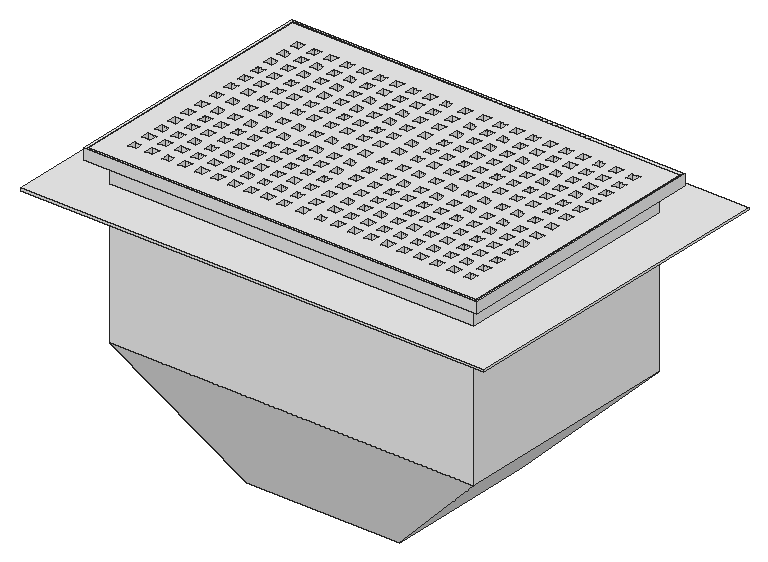
Revit family "Drain_Sani_Flor_Receptor-Zurn-Z1995", category Plumbing Fixtures, Revit 2022
Family settings
  Round Connector Dimension = Use Radius
  Part Type = Normal
  OmniClass Number = 23.45.55.21
  OmniClass Title = Drains (Wastes)
  Work Plane-Based = No
  Always vertical = Yes
  Cut with Voids When Loaded = No
  Maintain Annotation Orientation = No
  Shared = No
  Room Calculation Point = No
Parameters (values of type "Z1995-3 Inch No-Hub Outlet")
  ZN = no
  Z = yes
  Width = 23.750"
  Vent Connection = 1 = 0  # no
  Length = 15.750"
  HW Connection = 1 = 0  # no
  Grate Open Area (Sq. In.) = 70 in²  # constant formula
  Grate Material = Iron - Zurn - Cast - White A.R.E Coated
  CW Connection = 1 = 0  # no
  Waste Connection = 1 = 1  # yes
  WFU = 1  # constant formula
  URL = "www.zurn.com"
  Type Comments = ""
  Product data url = "https://www.bimobject.com/en-us/zurnindustries/product/zurn-z1995"
  Product Page URL = "https://www.zurn.com/products/drainage-interceptors/floor-sinks/z1995"
  Product Documentation Link = "https://files.zurn.com/spec-sheets/z1995.pdf"
  Pipe Size 'A' (Outer Diameter) = 3.500"
  Pipe Size 'A' (Nominal Radius) = [Pipe Size 'A' (Nominal Diameter)] / 2  # 1.500"
  Pipe Size 'A' (Nominal Diameter) = 3.000"
  Pipe Size 'A' (Inner Radius) = [Pipe Size 'A' (Inner Diameter)] / 2  # 1.534"
  Pipe Size 'A' (Outer Radius) = [Pipe Size 'A' (Outer Diameter)] / 2  # 1.750"
  Pipe Size 'A' (Inner Diameter) = 3.068"
  Modified Date = "02/06/2026"  # constant formula
  Model = "Z1995"
  Manufacurer Brand = "Zurn"  # constant formula
  Manufacturer = "Zurn Water, LLC"  # constant formula
  Main Material = Iron - Zurn - Cast - White A.R.E Coated
  HWFU = 0  # constant formula
  Description = "24 X 16 [610 X 406] A.R.C. SANI-FLOR RECEPTOR 17 [432] SUMP DEPTH"  # constant formula
  Default Elevation = 20.000"
  Date Created = "06/28/2018"  # constant formula
  CWFU = 0  # constant formula
  Body HT Dim 'E' = 18.750"
  Assembly Code = "D2030300"
  Approx. Weight (Lbs) = 250.0 lbf  # constant formula
Types (6): name | ZN | Z | Width | Length | Grate Material | Pipe Size 'A' (Outer Diameter) | Pipe Size 'A' (Nominal Radius) | Pipe Size 'A' (Nominal Diameter) | Pipe Size 'A' (Inner Radius) | Pipe Size 'A' (Outer Radius) | Pipe Size 'A' (Inner Diameter) | Model | Body HT Dim 'E'
  Z1995-3 Inch No-Hub Outlet | no | yes | 23.750" | 15.750" | Iron - Zurn - Cast - White A.R.E Coated | 3.500" | 1.500" | 3.000" | 1.534" | 1.750" | 3.068" | "Z1995" | 18.750"
  Z1995-4 Inch No-Hub Outlet | no | yes | 23.750" | 15.750" | Iron - Zurn - Cast - White A.R.E Coated | 4.500" | 2.000" | 4.000" | 2.014" | 2.250" | 4.028" | "Z1995" | 18.750"
  Z1995-6 Inch No-Hub Outlet | no | yes | 23.750" | 15.750" | Iron - Zurn - Cast - White A.R.E Coated | 6.625" | 3.000" | 6.000" | 3.0325" | 3.3125" | 6.065" | "Z1995" | 18.750"
  ZN1995-3 Inch No-Hub Outlet | yes | no | 24.125" | 16.125" | Bronze - Zurn - Polished Nickel | 3.500" | 1.500" | 3.000" | 1.534" | 1.750" | 3.068" | "ZN1995" | 19.000"
  ZN1995-4 Inch No-Hub Outlet | yes | no | 24.125" | 16.125" | Bronze - Zurn - Polished Nickel | 4.500" | 2.000" | 4.000" | 2.014" | 2.250" | 4.028" | "ZN1995" | 18.750"
  ZN1995-6 Inch No-Hub Outlet | yes | no | 24.125" | 16.125" | Bronze - Zurn - Polished Nickel | 6.625" | 3.000" | 6.000" | 3.0325" | 3.3125" | 6.065" | "ZN1995" | 18.750"
Reference planes (in)
  plane 1 "Center (Front/Back)": y = 0
  plane 2: z = 0
  plane 3 "Center (Left/Right)": x = 0
  plane 4: z = -17
  plane 5: z = -18.75
  plane 6: x = 1.5
  plane 7: x = -1.5
  plane 8: y = -1.5
  plane 9: y = 1.5
  plane 10: x = -11
  plane 11: x = 11
  plane 12: y = 7
  plane 13: y = -7
  plane 14: x = 11.875
  plane 15: y = 7.875
  plane 16: x = -11.875
  plane 17: y = -7.875
  plane 18: z = -10.625
  plane 19: z = -16.875
  plane 20: z = -2
  plane 21: z = -2.125
  plane 22: y = -7.625
  plane 23: x = -11.625
  plane 24: x = 11.625
  plane 25: y = 7.625
Forms (in)
  Sweep 1, solid, material "Iron - Zurn - Cast - White A.R.E Coated" <- "Main Material", detail levels fine
    path origin (0, 0, 0) x (1, 0, 0) y (0, 1, 0)
      loop
        line (-11.875, -7.875) -> (11.875, -7.875) -> (11.875, 7.875) -> (-11.875, 7.875) -> (-11.875, -7.875)
    profile origin (-11.875, 0, 0) x (-1, 0, 0) y (0, 0, 1)
      loop
        line (0, 0) -> (-0.125, 0) -> (-0.125, -0.49991) -> (-1, -0.49991) -> (-1, -10.625) -> (-0.875, -10.625) -> (-0.875, -0.62491) -> (0, -0.62491) -> (0, 0)
  SweptBlend 2, solid, material "Iron - Zurn - Cast - White A.R.E Coated" <- "Main Material", detail levels fine
    path origin (0, 0, 0) x (1, 0, 0) y (0, 0, 1)
      loop
        line (0, -10.625) -> (0, -17)
    profile origin (0, 0, -10.625) x (0, -1, 0) y (1, 0, 0)
      loop
        line (-7, -11) -> (7, -11) -> (7, 11) -> (-7, 11) -> (-7, -11)
    end profile origin (0, 0, -17) x (0, -1, 0) y (1, 0, 0)
      loop
        line (-4.625, -4.625) -> (4.625, -4.625) -> (4.625, 4.625) -> (-4.625, 4.625) -> (-4.625, -4.625)
  SweptBlend 3, void, detail levels fine
    path origin (0, 0, 0) x (1, 0, 0) y (0, 0, 1)
      loop
        line (0, -10.625) -> (0, -17)
    profile origin (0, 0, -10.625) x (0, -1, 0) y (1, 0, 0)
      loop
        line (-6.875, -10.875) -> (6.875, -10.875) -> (6.875, 10.875) -> (-6.875, 10.875) -> (-6.875, -10.875)
    end profile origin (0, 0, -17) x (0, -1, 0) y (1, 0, 0)
      loop
        line (-4.5, -4.5) -> (4.5, -4.5) -> (4.5, 4.5) -> (-4.5, 4.5) -> (-4.5, -4.5)
  Extrusion 4, solid, material "Iron - Zurn - Cast - White A.R.E Coated" <- "Main Material", detail levels fine
    sketch origin (0, 0, 0) x (1, 0, 0) y (0, 1, 0)
      loop
        line (-4.625, 4.625) -> (-4.625, -4.625) -> (4.625, -4.625) -> (4.625, 4.625) -> (-4.625, 4.625)
      loop
        circle (0, 0) r 1.75
    from -17 to -16.875
  Extrusion 5, solid, material "Iron - Zurn - Cast - White A.R.E Coated" <- "Main Material", detail levels fine
    sketch origin (0, 0, 0) x (1, 0, 0) y (0, 1, 0)
      loop
        circle (0, 0) r 1.75
      loop
        circle (0, 0) r 1.534
    from -18.75 to -16.875
  Extrusion 6, solid, material "Iron - Zurn - Cast - White A.R.E Coated" <- "Main Material", detail levels fine
    sketch origin (0, 0, 0) x (1, 0, 0) y (0, 1, 0)
      loop
        line (-14, 10) -> (-14, -10) -> (14, -10) -> (14, 10) -> (-14, 10)
      loop
        line (-11, 7) -> (-11, -7) -> (11, -7) -> (11, 7) -> (-11, 7)
    from -2 to -2.125
Cuts and joins
  SweptBlend 3 cuts SweptBlend 2
  joined: Sweep 1, SweptBlend 2, Extrusion 4, Extrusion 5, Extrusion 6
Lines and regions (in)
  Masking region 1, detail levels fine
    outline origin (0, 0, 0) x (1, 0, 0) y (0, 1, 0)
      loop
        line (-14, 10) -> (-14, -10) -> (14, -10) -> (14, 10) -> (-14, 10)
  model lines, detail levels coarse+medium
    curve 1: line (-11.875, 7.875, 0) -> (11.875, 7.875, 0)
    curve 2: line (-11.875, -7.875, 0) -> (-11.875, 7.875, 0)
    curve 3: line (11.875, -7.875, 0) -> (-11.875, -7.875, 0)
    curve 4: line (11.875, 7.875, 0) -> (11.875, -7.875, 0)
    curve 5: line (0, 0, 0) -> (0, 0, -18.75)
    curve 6: line (0, 1.5, -18.75) -> (0, -1.5, -18.75)
    curve 7: line (-1.5, 0, -18.75) -> (1.5, 0, -18.75)
    curve 8: line (-11.625, 7.625, 0) -> (-11.625, -7.625, 0)
    curve 9: line (-11.625, -7.625, 0) -> (11.625, -7.625, 0)
    curve 10: line (11.625, -7.625, 0) -> (11.625, 7.625, 0)
    curve 11: line (-11.625, 7.625, 0) -> (11.625, 7.625, 0)
    curve 12: line (0, 7.625, 0) -> (0, -7.625, 0)
    curve 13: line (1.5, 7.625, 0) -> (1.5, -7.625, 0)
    curve 14: line (3, 7.625, 0) -> (3, -7.625, 0)
    curve 15: line (4.5, 7.625, 0) -> (4.5, -7.625, 0)
    curve 16: line (6, 7.625, 0) -> (6, -7.625, 0)
    curve 17: line (7.5, 7.625, 0) -> (7.5, -7.625, 0)
    curve 18: line (9, 7.625, 0) -> (9, -7.625, 0)
    curve 19: line (10.5, 7.625, 0) -> (10.5, -7.625, 0)
    curve 20: line (-1.5, 7.625, 0) -> (-1.5, -7.625, 0)
    curve 21: line (-3, 7.625, 0) -> (-3, -7.625, 0)
    curve 22: line (-4.5, 7.625, 0) -> (-4.5, -7.625, 0)
    curve 23: line (-6, 7.625, 0) -> (-6, -7.625, 0)
    curve 24: line (-7.5, 7.625, 0) -> (-7.5, -7.625, 0)
    curve 25: line (-9, 7.625, 0) -> (-9, -7.625, 0)
    curve 26: line (-10.5, 7.625, 0) -> (-10.5, -7.625, 0)
    curve 27: line (-11.625, 0, 0) -> (11.625, 0, 0)
    curve 28: line (-11.625, -1.5, 0) -> (11.625, -1.5, 0)
    curve 29: line (-11.625, -3, 0) -> (11.625, -3, 0)
    curve 30: line (-11.625, -4.5, 0) -> (11.625, -4.5, 0)
    curve 31: line (-11.625, -6, 0) -> (11.625, -6, 0)
    curve 32: line (-11.625, 1.5, 0) -> (11.625, 1.5, 0)
    curve 33: line (-11.625, 3, 0) -> (11.625, 3, 0)
    curve 34: line (-11.625, 4.5, 0) -> (11.625, 4.5, 0)
    curve 35: line (-11.625, 6, 0) -> (11.625, 6, 0)
Dimensions and locks (in)
  "Pipe Size 'A' (Nominal Radius)": plane 8 to plane 1 "Center (Front/Back)" to plane 9
  "Pipe Size 'A' (Nominal Radius)": plane 7 to plane 3 "Center (Left/Right)" to plane 6
  "Body HT Dim 'E'": level to plane 5
  locked: level to plane 4 at 17
  equal spacing: plane 10, plane 3 "Center (Left/Right)", plane 11, locked at 11 each
  locked: plane 10 to plane 11 at 22
  equal spacing: plane 13, plane 1 "Center (Front/Back)", plane 12, locked at 7 each
  locked: plane 13 to plane 12 at 14
  equal spacing: plane 16, plane 3 "Center (Left/Right)", plane 14
  "Width": plane 16 to plane 14
  equal spacing: plane 17, plane 1 "Center (Front/Back)", plane 15
  "Length": plane 17 to plane 15
  locked: level to Sweep 1 sketch curve at 0.62491
  locked: level to Sweep 1 sketch curve at 10.625
  locked: level to plane 18 at 10.625
  equal spacing: SweptBlend 2 sketch curve, plane 1 "Center (Front/Back)", SweptBlend 2 sketch curve
  equal spacing: SweptBlend 2 sketch curve, plane 3 "Center (Left/Right)", SweptBlend 2 sketch curve
  locked: SweptBlend 2 sketch curve to SweptBlend 2 sketch curve at 9.25  (x2)
  locked: SweptBlend 3 sketch curve to plane 12 at 0.125
  locked: SweptBlend 3 sketch curve to plane 11 at 0.125
  locked: plane 13 to SweptBlend 3 sketch curve at 0.125
  locked: plane 10 to SweptBlend 3 sketch curve at 0.125
  locked: plane 19 to plane 4 at 0.125
  equal spacing: Extrusion 4 sketch curve, plane 1 "Center (Front/Back)", Extrusion 4 sketch curve
  equal spacing: Extrusion 4 sketch curve, plane 3 "Center (Left/Right)", Extrusion 4 sketch curve
  locked: Extrusion 4 sketch curve to Extrusion 4 sketch curve at 9.25  (x2)
  level to plane 20 to plane 21 = 2.000" locked, 0.125" locked
  equal spacing: Extrusion 6 sketch curve, plane 3 "Center (Left/Right)", Extrusion 6 sketch curve, locked at 14 each
  locked: Extrusion 6 sketch curve to Extrusion 6 sketch curve at 28
  equal spacing: Extrusion 6 sketch curve, plane 1 "Center (Front/Back)", Extrusion 6 sketch curve, locked at 10 each
  locked: Extrusion 6 sketch curve to Extrusion 6 sketch curve at 20
  plane 22 to plane 1 "Center (Front/Back)" to plane 25 = 7.625" locked, 7.625" locked
  plane 23 to plane 3 "Center (Left/Right)" to plane 24 = 11.625" locked, 11.625" locked
  equal spacing: curve 26, curve 25, curve 24, curve 23, curve 22, curve 21, curve 20, curve 12, curve 13, curve 14, curve 15, curve 16, curve 17, curve 18, curve 19, locked at 1.5 each
  locked: curve 26 to curve 19 at 21
  locked: plane 16 to curve 26 at 1.375
  curve 19 to plane 14 = 1.375"
  equal spacing: curve 31, curve 30, curve 29, curve 28, curve 27, curve 32, curve 33, curve 34, curve 35, locked at 1.5 each
  locked: plane 22 to curve 31 at 1.625
  locked: curve 35 to plane 25 at 1.625
  locked: Sweep 1 sketch curve to plane 10 at 0.125
  locked: Sweep 1 sketch curve to Sweep 1 sketch curve at 0.125
  locked: Sweep 1 sketch curve to plane 16 at 0.125
  "Pipe Size 'A' (Outer Radius)": radius of Extrusion 4 sketch curve
  "Pipe Size 'A' (Outer Radius)": radius of Extrusion 5 sketch curve
  "Pipe Size 'A' (Inner Radius)": radius of Extrusion 5 sketch curve
  aligned and locked: plane 2 to level
  aligned and locked: curve 3 to plane 17
  aligned and locked: curve 4 to plane 14
  aligned and locked: plane 15 to curve 4
  aligned and locked: plane 16 to curve 3
  aligned and locked: plane 16 to curve 2
  aligned and locked: plane 15 to curve 2
  aligned and locked: plane 17 to curve 3
  aligned and locked: plane 14 to curve 3
  aligned and locked: Sweep 1 sketch curve to curve 2
  aligned and locked: Sweep 1 sketch curve to curve 3
  aligned and locked: Sweep 1 sketch curve to curve 4
  aligned and locked: Sweep 1 sketch curve to curve 1
  aligned and locked: Sweep 1 sketch curve to plane 10
  aligned and locked: Sweep 1 sketch curve to plane 16
  aligned and locked: SweptBlend 3 sketch curve to SweptBlend 2
  aligned and locked: SweptBlend 3 sketch curve to plane 3 "Center (Left/Right)"
  aligned and locked: plane 18 to SweptBlend 3 sketch curve
  aligned and locked: plane 18 to SweptBlend 2 sketch curve
  aligned and locked: plane 4 to SweptBlend 2 sketch curve
  aligned and locked: plane 10 to SweptBlend 2 sketch curve  (x2)
  aligned and locked: plane 11 to SweptBlend 2 sketch curve  (x2)
  aligned and locked: plane 12 to SweptBlend 2 sketch curve  (x2)
  aligned and locked: plane 13 to SweptBlend 2 sketch curve  (x2)
  aligned and locked: plane 1 "Center (Front/Back)" to Extrusion 4 sketch curve
  aligned and locked: Extrusion 4 to plane 4
  aligned and locked: plane 3 "Center (Left/Right)" to Extrusion 5 sketch curve  (x2)
  aligned and locked: plane 1 "Center (Front/Back)" to Extrusion 5 sketch curve  (x2)
  aligned and locked: Extrusion 5 to plane 5
  aligned and locked: plane 19 to Extrusion 5
  aligned and locked: plane 19 to Extrusion 4
  aligned and locked: level to curve 5
  aligned and locked: plane 5 to curve 5
  aligned and locked: curve 5 to plane 3 "Center (Left/Right)"
  aligned and locked: plane 7 to curve 7
  aligned and locked: plane 6 to curve 7
  aligned and locked: plane 1 "Center (Front/Back)" to curve 7
  aligned and locked: plane 9 to curve 6
  aligned and locked: plane 8 to curve 6
  aligned and locked: curve 6 to plane 3 "Center (Left/Right)"
  aligned and locked: plane 12 to Extrusion 6 sketch curve
  aligned and locked: Extrusion 6 sketch curve to plane 11
  aligned and locked: Extrusion 6 sketch curve to plane 13
  aligned and locked: plane 10 to Extrusion 6 sketch curve
  aligned and locked: Extrusion 6 to plane 20
  aligned and locked: Extrusion 6 to plane 21
  aligned and locked: Masking region 1 sketch curve to cut or joined group of Sweep 1, SweptBlend 2, SweptBlend 3, Extrusion 4, Extrusion 5, Extrusion 6  (x4)
  aligned and locked: level to nested 1
  aligned and locked: plane 3 "Center (Left/Right)" to nested 1
  aligned and locked: plane 1 "Center (Front/Back)" to nested 1
  aligned and locked: plane 23 to curve 11
  aligned and locked: plane 25 to curve 8
  aligned and locked: plane 22 to curve 8
  aligned and locked: plane 24 to curve 11
  aligned and locked: plane 25 to curve 10
  aligned and locked: plane 22 to curve 12
  aligned and locked: plane 23 to curve 27
  aligned and locked: plane 24 to curve 27
  aligned and locked: level to nested 2
  aligned and locked: plane 3 "Center (Left/Right)" to nested 2
  aligned and locked: plane 1 "Center (Front/Back)" to nested 2
Automatic sketch dimensions
  Sweep 1 sketch curve to level = 0.000"
  SweptBlend 2 sketch curve to plane 3 "Center (Left/Right)" = 0.000"
  SweptBlend 3 sketch curve to plane 1 "Center (Front/Back)" = 4.500"
  plane 1 "Center (Front/Back)" to SweptBlend 3 sketch curve = 4.500"
  profile plane to SweptBlend 3 sketch curve = 4.500"
  SweptBlend 3 sketch curve to profile plane = 4.500"
  Extrusion 4 sketch curve to plane 3 "Center (Left/Right)" = 0.000"
Nested families (in)
  nested 1: "Grate-Z1995" at (0, 0, 0), Grate Material <- "Grate Material", visible <- "Z", Length <- "Length", Width <- "Width", type "Z1995-Grate", detail levels fine
    with Width 23.750", Length 15.750", Grate Material Iron - Zurn - Cast - White A.R.E Coated
  nested 2: "Grate-Z1995" at (0, 0, 0), visible <- "ZN", Length <- "Length", Width <- "Width", Grate Material <- "Grate Material", type "ZN1995-Grate", detail levels fine
    with Width 23.750", Length 15.750", Grate Material Iron - Zurn - Cast - White A.R.E Coated
Connectors (in)
  piping at (0, 0, -18.75), diameter 3, driven by "Pipe Size 'A' (Nominal Radius)", driven by "Waste Connection", driven by "Waste Connection"
    settings: on cut or joined group of Sweep 1, SweptBlend 2, SweptBlend 3, Extrusion 4, Extrusion 5, Extrusion 6, index 1, connector inside diameter 24", connector length 0.000", flow factor 0, pipe flow 0 GPM, pressure drop 0.00 psi, fitting loss kfactor 0, connector angle 0.00°, fixture units 0, engagement length 0.000", angle of deflection 0.00°, flow configuration 0, flow direction 2, fitting loss method 0, system type 16, joint type 0, gender type 0, connector reference index -1, connector utility 1, adjustable connector yes, is connector primary yes, connector description "Sanitary Outlet"
Definition of nested family "Grate-Z1995"
  Parameters (values of type "Z1995-Grate")
    Width [instance] = 23.750"
    Vent Connection = 1 = 0  # no
    Length [instance] = 15.750"
    HW Connection = 1 = 0  # no
    Grate Open Area (Sq. In.) = 70 in²  # constant formula
    Grate Material [instance] = none
    CW Connection = 1 = 0  # no
    Waste Connection = 1 = 1  # yes
    WFU = 1  # constant formula
    URL = "www.zurn.com"
    Type Comments = ""
    Product data url = ""
    Product Page URL = ""
    Product Documentation Link = ""
    Modified Date = ""
    Model = ""
    Manufacurer Brand = "Zurn"  # constant formula
    Manufacturer = "Zurn Water, LLC"  # constant formula
    HWFU = 0  # constant formula
    Description = ""
    Default Elevation = 0.000"
    Date Created = ""
    CWFU = 0  # constant formula
    Assembly Code = "D2040200"
    Approx. Weight (Lbs) = 70.0 lbf
  Types (2): name | Width | Length
    Z1995-Grate | 23.750" | 15.750"
    ZN1995-Grate | 24.125" | 16.125"
  Reference planes (in)
    plane 1 "Center (Front/Back)": y = 0
    plane 2: z = 0
    plane 3 "Center (Left/Right)": x = 0
    plane 4: z = -17
    plane 5: z = -18.75
    plane 6: x = -11
    plane 7: x = 11
    plane 8: y = 7
    plane 9: y = -7
    plane 10: x = 11.875
    plane 11: y = 7.875
    plane 12: x = -11.875
    plane 13: y = -7.875
    plane 14: z = -10.625
    plane 15: z = -16.875
    plane 16: z = -2
    plane 17: z = -2.125
  Forms (in)
    Extrusion 1, solid, material <- "Grate Material"
      sketch origin (0, 0, 0) x (1, 0, 0) y (0, 1, 0)
        loop
          line (-11.725, 7.725) -> (-11.725, -7.725) -> (11.725, -7.725) -> (11.725, 7.725) -> (-11.725, 7.725)
      from 0 to -0.49991
    Extrusion 2, void
      sketch origin (0, 0, 0) x (1, 0, 0) y (0, 1, 0)
        loop
          line (-10.375, 6.375) -> (-10.375, 5.875) -> (-9.875, 5.875) -> (-9.875, 6.375) -> (-10.375, 6.375)
        loop
          line (-9.375, 6.375) -> (-9.375, 5.875) -> (-8.875, 5.875) -> (-8.875, 6.375) -> (-9.375, 6.375)
        loop
          line (-8.375, 6.375) -> (-8.375, 5.875) -> (-7.875, 5.875) -> (-7.875, 6.375) -> (-8.375, 6.375)
        loop
          line (-7.375, 6.375) -> (-7.375, 5.875) -> (-6.875, 5.875) -> (-6.875, 6.375) -> (-7.375, 6.375)
        loop
          line (-6.375, 6.375) -> (-6.375, 5.875) -> (-5.875, 5.875) -> (-5.875, 6.375) -> (-6.375, 6.375)
        loop
          line (-5.375, 6.375) -> (-5.375, 5.875) -> (-4.875, 5.875) -> (-4.875, 6.375) -> (-5.375, 6.375)
        loop
          line (-4.375, 6.375) -> (-4.375, 5.875) -> (-3.875, 5.875) -> (-3.875, 6.375) -> (-4.375, 6.375)
        loop
          line (-3.375, 6.375) -> (-3.375, 5.875) -> (-2.875, 5.875) -> (-2.875, 6.375) -> (-3.375, 6.375)
        loop
          line (-2.375, 6.375) -> (-2.375, 5.875) -> (-1.875, 5.875) -> (-1.875, 6.375) -> (-2.375, 6.375)
        loop
          line (-1.375, 6.375) -> (-1.375, 5.875) -> (-0.875, 5.875) -> (-0.875, 6.375) -> (-1.375, 6.375)
        loop
          line (-10.375, 5.375) -> (-10.375, 4.875) -> (-9.875, 4.875) -> (-9.875, 5.375) -> (-10.375, 5.375)
        loop
          line (-9.375, 5.375) -> (-9.375, 4.875) -> (-8.875, 4.875) -> (-8.875, 5.375) -> (-9.375, 5.375)
        loop
          line (-8.375, 5.375) -> (-8.375, 4.875) -> (-7.875, 4.875) -> (-7.875, 5.375) -> (-8.375, 5.375)
        loop
          line (-7.375, 5.375) -> (-7.375, 4.875) -> (-6.875, 4.875) -> (-6.875, 5.375) -> (-7.375, 5.375)
        loop
          line (-6.375, 5.375) -> (-6.375, 4.875) -> (-5.875, 4.875) -> (-5.875, 5.375) -> (-6.375, 5.375)
        loop
          line (-5.375, 5.375) -> (-5.375, 4.875) -> (-4.875, 4.875) -> (-4.875, 5.375) -> (-5.375, 5.375)
        loop
          line (-4.375, 5.375) -> (-4.375, 4.875) -> (-3.875, 4.875) -> (-3.875, 5.375) -> (-4.375, 5.375)
        loop
          line (-3.375, 5.375) -> (-3.375, 4.875) -> (-2.875, 4.875) -> (-2.875, 5.375) -> (-3.375, 5.375)
        loop
          line (-2.375, 5.375) -> (-2.375, 4.875) -> (-1.875, 4.875) -> (-1.875, 5.375) -> (-2.375, 5.375)
        loop
          line (-1.375, 5.375) -> (-1.375, 4.875) -> (-0.875, 4.875) -> (-0.875, 5.375) -> (-1.375, 5.375)
        loop
          line (-10.375, 4.375) -> (-10.375, 3.875) -> (-9.875, 3.875) -> (-9.875, 4.375) -> (-10.375, 4.375)
        loop
          line (-9.375, 4.375) -> (-9.375, 3.875) -> (-8.875, 3.875) -> (-8.875, 4.375) -> (-9.375, 4.375)
        loop
          line (-8.375, 4.375) -> (-8.375, 3.875) -> (-7.875, 3.875) -> (-7.875, 4.375) -> (-8.375, 4.375)
        loop
          line (-7.375, 4.375) -> (-7.375, 3.875) -> (-6.875, 3.875) -> (-6.875, 4.375) -> (-7.375, 4.375)
        loop
          line (-6.375, 4.375) -> (-6.375, 3.875) -> (-5.875, 3.875) -> (-5.875, 4.375) -> (-6.375, 4.375)
        loop
          line (-5.375, 4.375) -> (-5.375, 3.875) -> (-4.875, 3.875) -> (-4.875, 4.375) -> (-5.375, 4.375)
        loop
          line (-4.375, 4.375) -> (-4.375, 3.875) -> (-3.875, 3.875) -> (-3.875, 4.375) -> (-4.375, 4.375)
        loop
          line (-3.375, 4.375) -> (-3.375, 3.875) -> (-2.875, 3.875) -> (-2.875, 4.375) -> (-3.375, 4.375)
        loop
          line (-2.375, 4.375) -> (-2.375, 3.875) -> (-1.875, 3.875) -> (-1.875, 4.375) -> (-2.375, 4.375)
        loop
          line (-1.375, 4.375) -> (-1.375, 3.875) -> (-0.875, 3.875) -> (-0.875, 4.375) -> (-1.375, 4.375)
        loop
          line (-10.375, 3.375) -> (-10.375, 2.875) -> (-9.875, 2.875) -> (-9.875, 3.375) -> (-10.375, 3.375)
        loop
          line (-9.375, 3.375) -> (-9.375, 2.875) -> (-8.875, 2.875) -> (-8.875, 3.375) -> (-9.375, 3.375)
        loop
          line (-8.375, 3.375) -> (-8.375, 2.875) -> (-7.875, 2.875) -> (-7.875, 3.375) -> (-8.375, 3.375)
        loop
          line (-7.375, 3.375) -> (-7.375, 2.875) -> (-6.875, 2.875) -> (-6.875, 3.375) -> (-7.375, 3.375)
        loop
          line (-6.375, 3.375) -> (-6.375, 2.875) -> (-5.875, 2.875) -> (-5.875, 3.375) -> (-6.375, 3.375)
        loop
          line (-5.375, 3.375) -> (-5.375, 2.875) -> (-4.875, 2.875) -> (-4.875, 3.375) -> (-5.375, 3.375)
        loop
          line (-4.375, 3.375) -> (-4.375, 2.875) -> (-3.875, 2.875) -> (-3.875, 3.375) -> (-4.375, 3.375)
        loop
          line (-3.375, 3.375) -> (-3.375, 2.875) -> (-2.875, 2.875) -> (-2.875, 3.375) -> (-3.375, 3.375)
        loop
          line (-2.375, 3.375) -> (-2.375, 2.875) -> (-1.875, 2.875) -> (-1.875, 3.375) -> (-2.375, 3.375)
        loop
          line (-1.375, 3.375) -> (-1.375, 2.875) -> (-0.875, 2.875) -> (-0.875, 3.375) -> (-1.375, 3.375)
        loop
          line (-10.375, 2.375) -> (-10.375, 1.875) -> (-9.875, 1.875) -> (-9.875, 2.375) -> (-10.375, 2.375)
        loop
          line (-9.375, 2.375) -> (-9.375, 1.875) -> (-8.875, 1.875) -> (-8.875, 2.375) -> (-9.375, 2.375)
        loop
          line (-8.375, 2.375) -> (-8.375, 1.875) -> (-7.875, 1.875) -> (-7.875, 2.375) -> (-8.375, 2.375)
        loop
          line (-7.375, 2.375) -> (-7.375, 1.875) -> (-6.875, 1.875) -> (-6.875, 2.375) -> (-7.375, 2.375)
        loop
          line (-6.375, 2.375) -> (-6.375, 1.875) -> (-5.875, 1.875) -> (-5.875, 2.375) -> (-6.375, 2.375)
        loop
          line (-5.375, 2.375) -> (-5.375, 1.875) -> (-4.875, 1.875) -> (-4.875, 2.375) -> (-5.375, 2.375)
        loop
          line (-4.375, 2.375) -> (-4.375, 1.875) -> (-3.875, 1.875) -> (-3.875, 2.375) -> (-4.375, 2.375)
        loop
          line (-3.375, 2.375) -> (-3.375, 1.875) -> (-2.875, 1.875) -> (-2.875, 2.375) -> (-3.375, 2.375)
        loop
          line (-2.375, 2.375) -> (-2.375, 1.875) -> (-1.875, 1.875) -> (-1.875, 2.375) -> (-2.375, 2.375)
        loop
          line (-1.375, 2.375) -> (-1.375, 1.875) -> (-0.875, 1.875) -> (-0.875, 2.375) -> (-1.375, 2.375)
        loop
          line (-10.375, 1.375) -> (-10.375, 0.875) -> (-9.875, 0.875) -> (-9.875, 1.375) -> (-10.375, 1.375)
        loop
          line (-9.375, 1.375) -> (-9.375, 0.875) -> (-8.875, 0.875) -> (-8.875, 1.375) -> (-9.375, 1.375)
        loop
          line (-8.375, 1.375) -> (-8.375, 0.875) -> (-7.875, 0.875) -> (-7.875, 1.375) -> (-8.375, 1.375)
        loop
          line (-7.375, 1.375) -> (-7.375, 0.875) -> (-6.875, 0.875) -> (-6.875, 1.375) -> (-7.375, 1.375)
        loop
          line (-6.375, 1.375) -> (-6.375, 0.875) -> (-5.875, 0.875) -> (-5.875, 1.375) -> (-6.375, 1.375)
        loop
          line (-5.375, 1.375) -> (-5.375, 0.875) -> (-4.875, 0.875) -> (-4.875, 1.375) -> (-5.375, 1.375)
        loop
          line (-4.375, 1.375) -> (-4.375, 0.875) -> (-3.875, 0.875) -> (-3.875, 1.375) -> (-4.375, 1.375)
        loop
          line (-3.375, 1.375) -> (-3.375, 0.875) -> (-2.875, 0.875) -> (-2.875, 1.375) -> (-3.375, 1.375)
        loop
          line (-2.375, 1.375) -> (-2.375, 0.875) -> (-1.875, 0.875) -> (-1.875, 1.375) -> (-2.375, 1.375)
        loop
          line (-1.375, 1.375) -> (-1.375, 0.875) -> (-0.875, 0.875) -> (-0.875, 1.375) -> (-1.375, 1.375)
        loop
          line (10.375, 6.375) -> (9.875, 6.375) -> (9.875, 5.875) -> (10.375, 5.875) -> (10.375, 6.375)
        loop
          line (9.375, 6.375) -> (8.875, 6.375) -> (8.875, 5.875) -> (9.375, 5.875) -> (9.375, 6.375)
        loop
          line (8.375, 6.375) -> (7.875, 6.375) -> (7.875, 5.875) -> (8.375, 5.875) -> (8.375, 6.375)
        loop
          line (7.375, 6.375) -> (6.875, 6.375) -> (6.875, 5.875) -> (7.375, 5.875) -> (7.375, 6.375)
        loop
          line (6.375, 6.375) -> (5.875, 6.375) -> (5.875, 5.875) -> (6.375, 5.875) -> (6.375, 6.375)
        loop
          line (5.375, 6.375) -> (4.875, 6.375) -> (4.875, 5.875) -> (5.375, 5.875) -> (5.375, 6.375)
        loop
          line (4.375, 6.375) -> (3.875, 6.375) -> (3.875, 5.875) -> (4.375, 5.875) -> (4.375, 6.375)
        loop
          line (3.375, 6.375) -> (2.875, 6.375) -> (2.875, 5.875) -> (3.375, 5.875) -> (3.375, 6.375)
        loop
          line (2.375, 6.375) -> (1.875, 6.375) -> (1.875, 5.875) -> (2.375, 5.875) -> (2.375, 6.375)
        loop
          line (1.375, 6.375) -> (0.875, 6.375) -> (0.875, 5.875) -> (1.375, 5.875) -> (1.375, 6.375)
        loop
          line (10.375, 5.375) -> (9.875, 5.375) -> (9.875, 4.875) -> (10.375, 4.875) -> (10.375, 5.375)
        loop
          line (9.375, 5.375) -> (8.875, 5.375) -> (8.875, 4.875) -> (9.375, 4.875) -> (9.375, 5.375)
        loop
          line (8.375, 5.375) -> (7.875, 5.375) -> (7.875, 4.875) -> (8.375, 4.875) -> (8.375, 5.375)
        loop
          line (7.375, 5.375) -> (6.875, 5.375) -> (6.875, 4.875) -> (7.375, 4.875) -> (7.375, 5.375)
        loop
          line (6.375, 5.375) -> (5.875, 5.375) -> (5.875, 4.875) -> (6.375, 4.875) -> (6.375, 5.375)
        loop
          line (5.375, 5.375) -> (4.875, 5.375) -> (4.875, 4.875) -> (5.375, 4.875) -> (5.375, 5.375)
        loop
          line (4.375, 5.375) -> (3.875, 5.375) -> (3.875, 4.875) -> (4.375, 4.875) -> (4.375, 5.375)
        loop
          line (3.375, 5.375) -> (2.875, 5.375) -> (2.875, 4.875) -> (3.375, 4.875) -> (3.375, 5.375)
        loop
          line (2.375, 5.375) -> (1.875, 5.375) -> (1.875, 4.875) -> (2.375, 4.875) -> (2.375, 5.375)
        loop
          line (1.375, 5.375) -> (0.875, 5.375) -> (0.875, 4.875) -> (1.375, 4.875) -> (1.375, 5.375)
        loop
          line (10.375, 4.375) -> (9.875, 4.375) -> (9.875, 3.875) -> (10.375, 3.875) -> (10.375, 4.375)
        loop
          line (9.375, 4.375) -> (8.875, 4.375) -> (8.875, 3.875) -> (9.375, 3.875) -> (9.375, 4.375)
        loop
          line (8.375, 4.375) -> (7.875, 4.375) -> (7.875, 3.875) -> (8.375, 3.875) -> (8.375, 4.375)
        loop
          line (7.375, 4.375) -> (6.875, 4.375) -> (6.875, 3.875) -> (7.375, 3.875) -> (7.375, 4.375)
        loop
          line (6.375, 4.375) -> (5.875, 4.375) -> (5.875, 3.875) -> (6.375, 3.875) -> (6.375, 4.375)
        loop
          line (5.375, 4.375) -> (4.875, 4.375) -> (4.875, 3.875) -> (5.375, 3.875) -> (5.375, 4.375)
        loop
          line (4.375, 4.375) -> (3.875, 4.375) -> (3.875, 3.875) -> (4.375, 3.875) -> (4.375, 4.375)
        loop
          line (3.375, 4.375) -> (2.875, 4.375) -> (2.875, 3.875) -> (3.375, 3.875) -> (3.375, 4.375)
        loop
          line (2.375, 4.375) -> (1.875, 4.375) -> (1.875, 3.875) -> (2.375, 3.875) -> (2.375, 4.375)
        loop
          line (1.375, 4.375) -> (0.875, 4.375) -> (0.875, 3.875) -> (1.375, 3.875) -> (1.375, 4.375)
        loop
          line (10.375, 3.375) -> (9.875, 3.375) -> (9.875, 2.875) -> (10.375, 2.875) -> (10.375, 3.375)
        loop
          line (9.375, 3.375) -> (8.875, 3.375) -> (8.875, 2.875) -> (9.375, 2.875) -> (9.375, 3.375)
        loop
          line (8.375, 3.375) -> (7.875, 3.375) -> (7.875, 2.875) -> (8.375, 2.875) -> (8.375, 3.375)
        loop
          line (7.375, 3.375) -> (6.875, 3.375) -> (6.875, 2.875) -> (7.375, 2.875) -> (7.375, 3.375)
        loop
          line (6.375, 3.375) -> (5.875, 3.375) -> (5.875, 2.875) -> (6.375, 2.875) -> (6.375, 3.375)
        loop
          line (5.375, 3.375) -> (4.875, 3.375) -> (4.875, 2.875) -> (5.375, 2.875) -> (5.375, 3.375)
        loop
          line (4.375, 3.375) -> (3.875, 3.375) -> (3.875, 2.875) -> (4.375, 2.875) -> (4.375, 3.375)
        loop
          line (3.375, 3.375) -> (2.875, 3.375) -> (2.875, 2.875) -> (3.375, 2.875) -> (3.375, 3.375)
        loop
          line (2.375, 3.375) -> (1.875, 3.375) -> (1.875, 2.875) -> (2.375, 2.875) -> (2.375, 3.375)
        loop
          line (1.375, 3.375) -> (0.875, 3.375) -> (0.875, 2.875) -> (1.375, 2.875) -> (1.375, 3.375)
        loop
          line (10.375, 2.375) -> (9.875, 2.375) -> (9.875, 1.875) -> (10.375, 1.875) -> (10.375, 2.375)
        loop
          line (9.375, 2.375) -> (8.875, 2.375) -> (8.875, 1.875) -> (9.375, 1.875) -> (9.375, 2.375)
        loop
          line (8.375, 2.375) -> (7.875, 2.375) -> (7.875, 1.875) -> (8.375, 1.875) -> (8.375, 2.375)
        loop
          line (7.375, 2.375) -> (6.875, 2.375) -> (6.875, 1.875) -> (7.375, 1.875) -> (7.375, 2.375)
        loop
          line (6.375, 2.375) -> (5.875, 2.375) -> (5.875, 1.875) -> (6.375, 1.875) -> (6.375, 2.375)
        loop
          line (5.375, 2.375) -> (4.875, 2.375) -> (4.875, 1.875) -> (5.375, 1.875) -> (5.375, 2.375)
        loop
          line (4.375, 2.375) -> (3.875, 2.375) -> (3.875, 1.875) -> (4.375, 1.875) -> (4.375, 2.375)
        loop
          line (3.375, 2.375) -> (2.875, 2.375) -> (2.875, 1.875) -> (3.375, 1.875) -> (3.375, 2.375)
        loop
          line (2.375, 2.375) -> (1.875, 2.375) -> (1.875, 1.875) -> (2.375, 1.875) -> (2.375, 2.375)
        loop
          line (1.375, 2.375) -> (0.875, 2.375) -> (0.875, 1.875) -> (1.375, 1.875) -> (1.375, 2.375)
        loop
          line (10.375, 1.375) -> (9.875, 1.375) -> (9.875, 0.875) -> (10.375, 0.875) -> (10.375, 1.375)
        loop
          line (9.375, 1.375) -> (8.875, 1.375) -> (8.875, 0.875) -> (9.375, 0.875) -> (9.375, 1.375)
        loop
          line (8.375, 1.375) -> (7.875, 1.375) -> (7.875, 0.875) -> (8.375, 0.875) -> (8.375, 1.375)
        loop
          line (7.375, 1.375) -> (6.875, 1.375) -> (6.875, 0.875) -> (7.375, 0.875) -> (7.375, 1.375)
        loop
          line (6.375, 1.375) -> (5.875, 1.375) -> (5.875, 0.875) -> (6.375, 0.875) -> (6.375, 1.375)
        loop
          line (5.375, 1.375) -> (4.875, 1.375) -> (4.875, 0.875) -> (5.375, 0.875) -> (5.375, 1.375)
        loop
          line (4.375, 1.375) -> (3.875, 1.375) -> (3.875, 0.875) -> (4.375, 0.875) -> (4.375, 1.375)
        loop
          line (3.375, 1.375) -> (2.875, 1.375) -> (2.875, 0.875) -> (3.375, 0.875) -> (3.375, 1.375)
        loop
          line (2.375, 1.375) -> (1.875, 1.375) -> (1.875, 0.875) -> (2.375, 0.875) -> (2.375, 1.375)
        loop
          line (1.375, 1.375) -> (0.875, 1.375) -> (0.875, 0.875) -> (1.375, 0.875) -> (1.375, 1.375)
        loop
          line (-0.25, 6.375) -> (-0.25, 5.875) -> (0.25, 5.875) -> (0.25, 6.375) -> (-0.25, 6.375)
        loop
          line (-0.25, 5.375) -> (-0.25, 4.875) -> (0.25, 4.875) -> (0.25, 5.375) -> (-0.25, 5.375)
        loop
          line (-0.25, 4.375) -> (-0.25, 3.875) -> (0.25, 3.875) -> (0.25, 4.375) -> (-0.25, 4.375)
        loop
          line (-0.25, 3.375) -> (-0.25, 2.875) -> (0.25, 2.875) -> (0.25, 3.375) -> (-0.25, 3.375)
        loop
          line (-0.25, 2.375) -> (-0.25, 1.875) -> (0.25, 1.875) -> (0.25, 2.375) -> (-0.25, 2.375)
        loop
          line (-0.25, 1.375) -> (-0.25, 0.875) -> (0.25, 0.875) -> (0.25, 1.375) -> (-0.25, 1.375)
        loop
          line (-10.375, -6.375) -> (-9.875, -6.375) -> (-9.875, -5.875) -> (-10.375, -5.875) -> (-10.375, -6.375)
        loop
          line (-9.375, -6.375) -> (-8.875, -6.375) -> (-8.875, -5.875) -> (-9.375, -5.875) -> (-9.375, -6.375)
        loop
          line (-8.375, -6.375) -> (-7.875, -6.375) -> (-7.875, -5.875) -> (-8.375, -5.875) -> (-8.375, -6.375)
        loop
          line (-7.375, -6.375) -> (-6.875, -6.375) -> (-6.875, -5.875) -> (-7.375, -5.875) -> (-7.375, -6.375)
        loop
          line (-6.375, -6.375) -> (-5.875, -6.375) -> (-5.875, -5.875) -> (-6.375, -5.875) -> (-6.375, -6.375)
        loop
          line (-5.375, -6.375) -> (-4.875, -6.375) -> (-4.875, -5.875) -> (-5.375, -5.875) -> (-5.375, -6.375)
        loop
          line (-4.375, -6.375) -> (-3.875, -6.375) -> (-3.875, -5.875) -> (-4.375, -5.875) -> (-4.375, -6.375)
        loop
          line (-3.375, -6.375) -> (-2.875, -6.375) -> (-2.875, -5.875) -> (-3.375, -5.875) -> (-3.375, -6.375)
        loop
          line (-2.375, -6.375) -> (-1.875, -6.375) -> (-1.875, -5.875) -> (-2.375, -5.875) -> (-2.375, -6.375)
        loop
          line (-1.375, -6.375) -> (-0.875, -6.375) -> (-0.875, -5.875) -> (-1.375, -5.875) -> (-1.375, -6.375)
        loop
          line (-10.375, -5.375) -> (-9.875, -5.375) -> (-9.875, -4.875) -> (-10.375, -4.875) -> (-10.375, -5.375)
        loop
          line (-9.375, -5.375) -> (-8.875, -5.375) -> (-8.875, -4.875) -> (-9.375, -4.875) -> (-9.375, -5.375)
        loop
          line (-8.375, -5.375) -> (-7.875, -5.375) -> (-7.875, -4.875) -> (-8.375, -4.875) -> (-8.375, -5.375)
        loop
          line (-7.375, -5.375) -> (-6.875, -5.375) -> (-6.875, -4.875) -> (-7.375, -4.875) -> (-7.375, -5.375)
        loop
          line (-6.375, -5.375) -> (-5.875, -5.375) -> (-5.875, -4.875) -> (-6.375, -4.875) -> (-6.375, -5.375)
        loop
          line (-5.375, -5.375) -> (-4.875, -5.375) -> (-4.875, -4.875) -> (-5.375, -4.875) -> (-5.375, -5.375)
        loop
          line (-4.375, -5.375) -> (-3.875, -5.375) -> (-3.875, -4.875) -> (-4.375, -4.875) -> (-4.375, -5.375)
        loop
          line (-3.375, -5.375) -> (-2.875, -5.375) -> (-2.875, -4.875) -> (-3.375, -4.875) -> (-3.375, -5.375)
        loop
          line (-2.375, -5.375) -> (-1.875, -5.375) -> (-1.875, -4.875) -> (-2.375, -4.875) -> (-2.375, -5.375)
        loop
          line (-1.375, -5.375) -> (-0.875, -5.375) -> (-0.875, -4.875) -> (-1.375, -4.875) -> (-1.375, -5.375)
        loop
          line (-10.375, -4.375) -> (-9.875, -4.375) -> (-9.875, -3.875) -> (-10.375, -3.875) -> (-10.375, -4.375)
        loop
          line (-9.375, -4.375) -> (-8.875, -4.375) -> (-8.875, -3.875) -> (-9.375, -3.875) -> (-9.375, -4.375)
        loop
          line (-8.375, -4.375) -> (-7.875, -4.375) -> (-7.875, -3.875) -> (-8.375, -3.875) -> (-8.375, -4.375)
        loop
          line (-7.375, -4.375) -> (-6.875, -4.375) -> (-6.875, -3.875) -> (-7.375, -3.875) -> (-7.375, -4.375)
        loop
          line (-6.375, -4.375) -> (-5.875, -4.375) -> (-5.875, -3.875) -> (-6.375, -3.875) -> (-6.375, -4.375)
        loop
          line (-5.375, -4.375) -> (-4.875, -4.375) -> (-4.875, -3.875) -> (-5.375, -3.875) -> (-5.375, -4.375)
        loop
          line (-4.375, -4.375) -> (-3.875, -4.375) -> (-3.875, -3.875) -> (-4.375, -3.875) -> (-4.375, -4.375)
        loop
          line (-3.375, -4.375) -> (-2.875, -4.375) -> (-2.875, -3.875) -> (-3.375, -3.875) -> (-3.375, -4.375)
        loop
          line (-2.375, -4.375) -> (-1.875, -4.375) -> (-1.875, -3.875) -> (-2.375, -3.875) -> (-2.375, -4.375)
        loop
          line (-1.375, -4.375) -> (-0.875, -4.375) -> (-0.875, -3.875) -> (-1.375, -3.875) -> (-1.375, -4.375)
        loop
          line (-10.375, -3.375) -> (-9.875, -3.375) -> (-9.875, -2.875) -> (-10.375, -2.875) -> (-10.375, -3.375)
        loop
          line (-9.375, -3.375) -> (-8.875, -3.375) -> (-8.875, -2.875) -> (-9.375, -2.875) -> (-9.375, -3.375)
        loop
          line (-8.375, -3.375) -> (-7.875, -3.375) -> (-7.875, -2.875) -> (-8.375, -2.875) -> (-8.375, -3.375)
        loop
          line (-7.375, -3.375) -> (-6.875, -3.375) -> (-6.875, -2.875) -> (-7.375, -2.875) -> (-7.375, -3.375)
        loop
          line (-6.375, -3.375) -> (-5.875, -3.375) -> (-5.875, -2.875) -> (-6.375, -2.875) -> (-6.375, -3.375)
        loop
          line (-5.375, -3.375) -> (-4.875, -3.375) -> (-4.875, -2.875) -> (-5.375, -2.875) -> (-5.375, -3.375)
        loop
          line (-4.375, -3.375) -> (-3.875, -3.375) -> (-3.875, -2.875) -> (-4.375, -2.875) -> (-4.375, -3.375)
        loop
          line (-3.375, -3.375) -> (-2.875, -3.375) -> (-2.875, -2.875) -> (-3.375, -2.875) -> (-3.375, -3.375)
        loop
          line (-2.375, -3.375) -> (-1.875, -3.375) -> (-1.875, -2.875) -> (-2.375, -2.875) -> (-2.375, -3.375)
        loop
          line (-1.375, -3.375) -> (-0.875, -3.375) -> (-0.875, -2.875) -> (-1.375, -2.875) -> (-1.375, -3.375)
        loop
          line (-10.375, -2.375) -> (-9.875, -2.375) -> (-9.875, -1.875) -> (-10.375, -1.875) -> (-10.375, -2.375)
        loop
          line (-9.375, -2.375) -> (-8.875, -2.375) -> (-8.875, -1.875) -> (-9.375, -1.875) -> (-9.375, -2.375)
        loop
          line (-8.375, -2.375) -> (-7.875, -2.375) -> (-7.875, -1.875) -> (-8.375, -1.875) -> (-8.375, -2.375)
        loop
          line (-7.375, -2.375) -> (-6.875, -2.375) -> (-6.875, -1.875) -> (-7.375, -1.875) -> (-7.375, -2.375)
        loop
          line (-6.375, -2.375) -> (-5.875, -2.375) -> (-5.875, -1.875) -> (-6.375, -1.875) -> (-6.375, -2.375)
        loop
          line (-5.375, -2.375) -> (-4.875, -2.375) -> (-4.875, -1.875) -> (-5.375, -1.875) -> (-5.375, -2.375)
        loop
          line (-4.375, -2.375) -> (-3.875, -2.375) -> (-3.875, -1.875) -> (-4.375, -1.875) -> (-4.375, -2.375)
        loop
          line (-3.375, -2.375) -> (-2.875, -2.375) -> (-2.875, -1.875) -> (-3.375, -1.875) -> (-3.375, -2.375)
        loop
          line (-2.375, -2.375) -> (-1.875, -2.375) -> (-1.875, -1.875) -> (-2.375, -1.875) -> (-2.375, -2.375)
        loop
          line (-1.375, -2.375) -> (-0.875, -2.375) -> (-0.875, -1.875) -> (-1.375, -1.875) -> (-1.375, -2.375)
        loop
          line (-10.375, -1.375) -> (-9.875, -1.375) -> (-9.875, -0.875) -> (-10.375, -0.875) -> (-10.375, -1.375)
        loop
          line (-9.375, -1.375) -> (-8.875, -1.375) -> (-8.875, -0.875) -> (-9.375, -0.875) -> (-9.375, -1.375)
        loop
          line (-8.375, -1.375) -> (-7.875, -1.375) -> (-7.875, -0.875) -> (-8.375, -0.875) -> (-8.375, -1.375)
        loop
          line (-7.375, -1.375) -> (-6.875, -1.375) -> (-6.875, -0.875) -> (-7.375, -0.875) -> (-7.375, -1.375)
        loop
          line (-6.375, -1.375) -> (-5.875, -1.375) -> (-5.875, -0.875) -> (-6.375, -0.875) -> (-6.375, -1.375)
        loop
          line (-5.375, -1.375) -> (-4.875, -1.375) -> (-4.875, -0.875) -> (-5.375, -0.875) -> (-5.375, -1.375)
        loop
          line (-4.375, -1.375) -> (-3.875, -1.375) -> (-3.875, -0.875) -> (-4.375, -0.875) -> (-4.375, -1.375)
        loop
          line (-3.375, -1.375) -> (-2.875, -1.375) -> (-2.875, -0.875) -> (-3.375, -0.875) -> (-3.375, -1.375)
        loop
          line (-2.375, -1.375) -> (-1.875, -1.375) -> (-1.875, -0.875) -> (-2.375, -0.875) -> (-2.375, -1.375)
        loop
          line (-1.375, -1.375) -> (-0.875, -1.375) -> (-0.875, -0.875) -> (-1.375, -0.875) -> (-1.375, -1.375)
        loop
          line (10.375, -6.375) -> (10.375, -5.875) -> (9.875, -5.875) -> (9.875, -6.375) -> (10.375, -6.375)
        loop
          line (9.375, -6.375) -> (9.375, -5.875) -> (8.875, -5.875) -> (8.875, -6.375) -> (9.375, -6.375)
        loop
          line (8.375, -6.375) -> (8.375, -5.875) -> (7.875, -5.875) -> (7.875, -6.375) -> (8.375, -6.375)
        loop
          line (7.375, -6.375) -> (7.375, -5.875) -> (6.875, -5.875) -> (6.875, -6.375) -> (7.375, -6.375)
        loop
          line (6.375, -6.375) -> (6.375, -5.875) -> (5.875, -5.875) -> (5.875, -6.375) -> (6.375, -6.375)
        loop
          line (5.375, -6.375) -> (5.375, -5.875) -> (4.875, -5.875) -> (4.875, -6.375) -> (5.375, -6.375)
        loop
          line (4.375, -6.375) -> (4.375, -5.875) -> (3.875, -5.875) -> (3.875, -6.375) -> (4.375, -6.375)
        loop
          line (3.375, -6.375) -> (3.375, -5.875) -> (2.875, -5.875) -> (2.875, -6.375) -> (3.375, -6.375)
        loop
          line (2.375, -6.375) -> (2.375, -5.875) -> (1.875, -5.875) -> (1.875, -6.375) -> (2.375, -6.375)
        loop
          line (1.375, -6.375) -> (1.375, -5.875) -> (0.875, -5.875) -> (0.875, -6.375) -> (1.375, -6.375)
        loop
          line (10.375, -5.375) -> (10.375, -4.875) -> (9.875, -4.875) -> (9.875, -5.375) -> (10.375, -5.375)
        loop
          line (9.375, -5.375) -> (9.375, -4.875) -> (8.875, -4.875) -> (8.875, -5.375) -> (9.375, -5.375)
        loop
          line (8.375, -5.375) -> (8.375, -4.875) -> (7.875, -4.875) -> (7.875, -5.375) -> (8.375, -5.375)
        loop
          line (7.375, -5.375) -> (7.375, -4.875) -> (6.875, -4.875) -> (6.875, -5.375) -> (7.375, -5.375)
        loop
          line (6.375, -5.375) -> (6.375, -4.875) -> (5.875, -4.875) -> (5.875, -5.375) -> (6.375, -5.375)
        loop
          line (5.375, -5.375) -> (5.375, -4.875) -> (4.875, -4.875) -> (4.875, -5.375) -> (5.375, -5.375)
        loop
          line (4.375, -5.375) -> (4.375, -4.875) -> (3.875, -4.875) -> (3.875, -5.375) -> (4.375, -5.375)
        loop
          line (3.375, -5.375) -> (3.375, -4.875) -> (2.875, -4.875) -> (2.875, -5.375) -> (3.375, -5.375)
        loop
          line (2.375, -5.375) -> (2.375, -4.875) -> (1.875, -4.875) -> (1.875, -5.375) -> (2.375, -5.375)
        loop
          line (1.375, -5.375) -> (1.375, -4.875) -> (0.875, -4.875) -> (0.875, -5.375) -> (1.375, -5.375)
        loop
          line (10.375, -4.375) -> (10.375, -3.875) -> (9.875, -3.875) -> (9.875, -4.375) -> (10.375, -4.375)
        loop
          line (9.375, -4.375) -> (9.375, -3.875) -> (8.875, -3.875) -> (8.875, -4.375) -> (9.375, -4.375)
        loop
          line (8.375, -4.375) -> (8.375, -3.875) -> (7.875, -3.875) -> (7.875, -4.375) -> (8.375, -4.375)
        loop
          line (7.375, -4.375) -> (7.375, -3.875) -> (6.875, -3.875) -> (6.875, -4.375) -> (7.375, -4.375)
        loop
          line (6.375, -4.375) -> (6.375, -3.875) -> (5.875, -3.875) -> (5.875, -4.375) -> (6.375, -4.375)
        loop
          line (5.375, -4.375) -> (5.375, -3.875) -> (4.875, -3.875) -> (4.875, -4.375) -> (5.375, -4.375)
        loop
          line (4.375, -4.375) -> (4.375, -3.875) -> (3.875, -3.875) -> (3.875, -4.375) -> (4.375, -4.375)
        loop
          line (3.375, -4.375) -> (3.375, -3.875) -> (2.875, -3.875) -> (2.875, -4.375) -> (3.375, -4.375)
        loop
          line (2.375, -4.375) -> (2.375, -3.875) -> (1.875, -3.875) -> (1.875, -4.375) -> (2.375, -4.375)
        loop
          line (1.375, -4.375) -> (1.375, -3.875) -> (0.875, -3.875) -> (0.875, -4.375) -> (1.375, -4.375)
        loop
          line (10.375, -3.375) -> (10.375, -2.875) -> (9.875, -2.875) -> (9.875, -3.375) -> (10.375, -3.375)
        loop
          line (9.375, -3.375) -> (9.375, -2.875) -> (8.875, -2.875) -> (8.875, -3.375) -> (9.375, -3.375)
        loop
          line (8.375, -3.375) -> (8.375, -2.875) -> (7.875, -2.875) -> (7.875, -3.375) -> (8.375, -3.375)
        loop
          line (7.375, -3.375) -> (7.375, -2.875) -> (6.875, -2.875) -> (6.875, -3.375) -> (7.375, -3.375)
        loop
          line (6.375, -3.375) -> (6.375, -2.875) -> (5.875, -2.875) -> (5.875, -3.375) -> (6.375, -3.375)
        loop
          line (5.375, -3.375) -> (5.375, -2.875) -> (4.875, -2.875) -> (4.875, -3.375) -> (5.375, -3.375)
        loop
          line (4.375, -3.375) -> (4.375, -2.875) -> (3.875, -2.875) -> (3.875, -3.375) -> (4.375, -3.375)
        loop
          line (3.375, -3.375) -> (3.375, -2.875) -> (2.875, -2.875) -> (2.875, -3.375) -> (3.375, -3.375)
        loop
          line (2.375, -3.375) -> (2.375, -2.875) -> (1.875, -2.875) -> (1.875, -3.375) -> (2.375, -3.375)
        loop
          line (1.375, -3.375) -> (1.375, -2.875) -> (0.875, -2.875) -> (0.875, -3.375) -> (1.375, -3.375)
        loop
          line (10.375, -2.375) -> (10.375, -1.875) -> (9.875, -1.875) -> (9.875, -2.375) -> (10.375, -2.375)
        loop
          line (9.375, -2.375) -> (9.375, -1.875) -> (8.875, -1.875) -> (8.875, -2.375) -> (9.375, -2.375)
        loop
          line (8.375, -2.375) -> (8.375, -1.875) -> (7.875, -1.875) -> (7.875, -2.375) -> (8.375, -2.375)
        loop
          line (7.375, -2.375) -> (7.375, -1.875) -> (6.875, -1.875) -> (6.875, -2.375) -> (7.375, -2.375)
        loop
          line (6.375, -2.375) -> (6.375, -1.875) -> (5.875, -1.875) -> (5.875, -2.375) -> (6.375, -2.375)
        loop
          line (5.375, -2.375) -> (5.375, -1.875) -> (4.875, -1.875) -> (4.875, -2.375) -> (5.375, -2.375)
        loop
          line (4.375, -2.375) -> (4.375, -1.875) -> (3.875, -1.875) -> (3.875, -2.375) -> (4.375, -2.375)
        loop
          line (3.375, -2.375) -> (3.375, -1.875) -> (2.875, -1.875) -> (2.875, -2.375) -> (3.375, -2.375)
        loop
          line (2.375, -2.375) -> (2.375, -1.875) -> (1.875, -1.875) -> (1.875, -2.375) -> (2.375, -2.375)
        loop
          line (1.375, -2.375) -> (1.375, -1.875) -> (0.875, -1.875) -> (0.875, -2.375) -> (1.375, -2.375)
        loop
          line (10.375, -1.375) -> (10.375, -0.875) -> (9.875, -0.875) -> (9.875, -1.375) -> (10.375, -1.375)
        loop
          line (9.375, -1.375) -> (9.375, -0.875) -> (8.875, -0.875) -> (8.875, -1.375) -> (9.375, -1.375)
        loop
          line (8.375, -1.375) -> (8.375, -0.875) -> (7.875, -0.875) -> (7.875, -1.375) -> (8.375, -1.375)
        loop
          line (7.375, -1.375) -> (7.375, -0.875) -> (6.875, -0.875) -> (6.875, -1.375) -> (7.375, -1.375)
        loop
          line (6.375, -1.375) -> (6.375, -0.875) -> (5.875, -0.875) -> (5.875, -1.375) -> (6.375, -1.375)
        loop
          line (5.375, -1.375) -> (5.375, -0.875) -> (4.875, -0.875) -> (4.875, -1.375) -> (5.375, -1.375)
        loop
          line (4.375, -1.375) -> (4.375, -0.875) -> (3.875, -0.875) -> (3.875, -1.375) -> (4.375, -1.375)
        loop
          line (3.375, -1.375) -> (3.375, -0.875) -> (2.875, -0.875) -> (2.875, -1.375) -> (3.375, -1.375)
        loop
          line (2.375, -1.375) -> (2.375, -0.875) -> (1.875, -0.875) -> (1.875, -1.375) -> (2.375, -1.375)
        loop
          line (1.375, -1.375) -> (1.375, -0.875) -> (0.875, -0.875) -> (0.875, -1.375) -> (1.375, -1.375)
        loop
          line (-0.25, -6.375) -> (0.25, -6.375) -> (0.25, -5.875) -> (-0.25, -5.875) -> (-0.25, -6.375)
        loop
          line (-0.25, -5.375) -> (0.25, -5.375) -> (0.25, -4.875) -> (-0.25, -4.875) -> (-0.25, -5.375)
        loop
          line (-0.25, -4.375) -> (0.25, -4.375) -> (0.25, -3.875) -> (-0.25, -3.875) -> (-0.25, -4.375)
        loop
          line (-0.25, -3.375) -> (0.25, -3.375) -> (0.25, -2.875) -> (-0.25, -2.875) -> (-0.25, -3.375)
        loop
          line (-0.25, -2.375) -> (0.25, -2.375) -> (0.25, -1.875) -> (-0.25, -1.875) -> (-0.25, -2.375)
        loop
          line (-0.25, -1.375) -> (0.25, -1.375) -> (0.25, -0.875) -> (-0.25, -0.875) -> (-0.25, -1.375)
        loop
          line (-10.375, 0.25) -> (-10.375, -0.25) -> (-9.875, -0.25) -> (-9.875, 0.25) -> (-10.375, 0.25)
        loop
          line (-9.375, 0.25) -> (-9.375, -0.25) -> (-8.875, -0.25) -> (-8.875, 0.25) -> (-9.375, 0.25)
        loop
          line (-8.375, 0.25) -> (-8.375, -0.25) -> (-7.875, -0.25) -> (-7.875, 0.25) -> (-8.375, 0.25)
        loop
          line (-7.375, 0.25) -> (-7.375, -0.25) -> (-6.875, -0.25) -> (-6.875, 0.25) -> (-7.375, 0.25)
        loop
          line (-6.375, 0.25) -> (-6.375, -0.25) -> (-5.875, -0.25) -> (-5.875, 0.25) -> (-6.375, 0.25)
        loop
          line (-5.375, 0.25) -> (-5.375, -0.25) -> (-4.875, -0.25) -> (-4.875, 0.25) -> (-5.375, 0.25)
        loop
          line (-4.375, 0.25) -> (-4.375, -0.25) -> (-3.875, -0.25) -> (-3.875, 0.25) -> (-4.375, 0.25)
        loop
          line (-3.375, 0.25) -> (-3.375, -0.25) -> (-2.875, -0.25) -> (-2.875, 0.25) -> (-3.375, 0.25)
        loop
          line (-2.375, 0.25) -> (-2.375, -0.25) -> (-1.875, -0.25) -> (-1.875, 0.25) -> (-2.375, 0.25)
        loop
          line (-1.375, 0.25) -> (-1.375, -0.25) -> (-0.875, -0.25) -> (-0.875, 0.25) -> (-1.375, 0.25)
        loop
          line (10.375, 0.25) -> (9.875, 0.25) -> (9.875, -0.25) -> (10.375, -0.25) -> (10.375, 0.25)
        loop
          line (9.375, 0.25) -> (8.875, 0.25) -> (8.875, -0.25) -> (9.375, -0.25) -> (9.375, 0.25)
        loop
          line (8.375, 0.25) -> (7.875, 0.25) -> (7.875, -0.25) -> (8.375, -0.25) -> (8.375, 0.25)
        loop
          line (7.375, 0.25) -> (6.875, 0.25) -> (6.875, -0.25) -> (7.375, -0.25) -> (7.375, 0.25)
        loop
          line (6.375, 0.25) -> (5.875, 0.25) -> (5.875, -0.25) -> (6.375, -0.25) -> (6.375, 0.25)
        loop
          line (5.375, 0.25) -> (4.875, 0.25) -> (4.875, -0.25) -> (5.375, -0.25) -> (5.375, 0.25)
        loop
          line (4.375, 0.25) -> (3.875, 0.25) -> (3.875, -0.25) -> (4.375, -0.25) -> (4.375, 0.25)
        loop
          line (3.375, 0.25) -> (2.875, 0.25) -> (2.875, -0.25) -> (3.375, -0.25) -> (3.375, 0.25)
        loop
          line (2.375, 0.25) -> (1.875, 0.25) -> (1.875, -0.25) -> (2.375, -0.25) -> (2.375, 0.25)
        loop
          line (1.375, 0.25) -> (0.875, 0.25) -> (0.875, -0.25) -> (1.375, -0.25) -> (1.375, 0.25)
        loop
          line (-0.25, 0.25) -> (-0.25, -0.25) -> (0.25, -0.25) -> (0.25, 0.25) -> (-0.25, 0.25)
      from 0 to -0.62491
  Cuts and joins
    Extrusion 2 cuts Extrusion 1
  Dimensions and locks (in)
    locked: level to plane 5 at 18.75
    level to plane 4 = 17.000"
    equal spacing: plane 6, plane 3 "Center (Left/Right)", plane 7, locked at 11 each
    locked: plane 6 to plane 7 at 22
    equal spacing: plane 9, plane 1 "Center (Front/Back)", plane 8, locked at 7 each
    locked: plane 9 to plane 8 at 14
    equal spacing: plane 12, plane 3 "Center (Left/Right)", plane 10
    "Width": plane 12 to plane 10
    equal spacing: plane 13, plane 1 "Center (Front/Back)", plane 11
    "Length": plane 13 to plane 11
    locked: level to plane 14 at 10.625
    locked: plane 15 to plane 4 at 0.125
    level to plane 16 to plane 17 = 2.000" locked, 0.125" locked
    locked: Extrusion 1 sketch curve to plane 10 at 0.15
    locked: plane 13 to Extrusion 1 sketch curve at 0.15
    locked: plane 12 to Extrusion 1 sketch curve at 0.15
    locked: Extrusion 1 sketch curve to plane 11 at 0.15
    aligned and locked: plane 2 to level
    aligned and locked: Extrusion 1 to level
    aligned and locked: Extrusion 2 to level
  Automatic sketch dimensions
    plane 6 to Extrusion 2 sketch curve = 0.625"  (x4)
    Extrusion 2 sketch curve to Extrusion 2 sketch curve = 0.000"  (x289)
    plane 1 "Center (Front/Back)" to Extrusion 2 sketch curve = 0.250"  (x21)
    Extrusion 2 sketch curve to Extrusion 2 sketch curve = 0.500"  (x714)
    Extrusion 2 sketch curve to plane 1 "Center (Front/Back)" = 0.250"  (x21)
    Extrusion 2 sketch curve to plane 3 "Center (Left/Right)" = 0.250"  (x13)
    Extrusion 2 sketch curve to Extrusion 2 sketch curve = 0.625"  (x13)
    plane 3 "Center (Left/Right)" to Extrusion 2 sketch curve = 0.250"  (x13)
    Extrusion 2 sketch curve to Extrusion 2 sketch curve = 1.000"  (x4)
